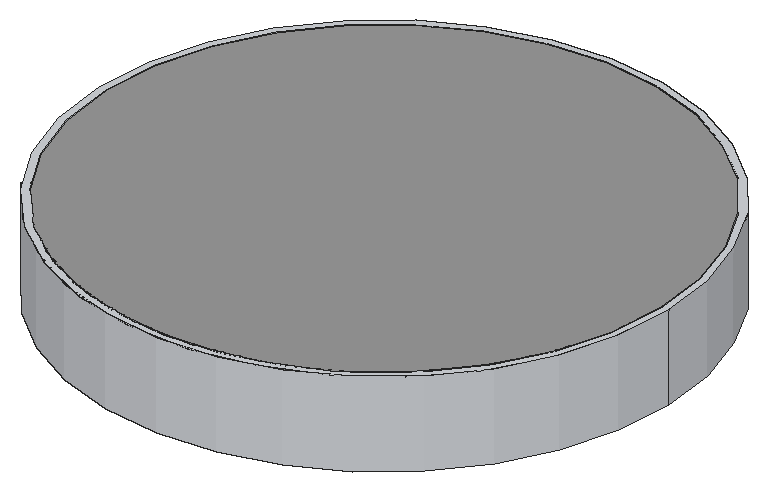
Revit family "2071141", category Lighting Fixtures, host Face, Revit 2018
Family settings
  Host = Face
  Round Connector Dimension = Use Diameter
  Part Type = Normal
  OmniClass Number = 23.80.70.00
  OmniClass Title = Lighting
  Cut with Voids When Loaded = No
  Light Source = Yes
  Shared = No
  Room Calculation Point = No
Parameters (values of type "2071141 COLOSSAL 400 840 OP DIR+H WHT")
  iner diameter = 390 mm
  Weight = "n/a"
  Wattage Comments = ""
  Wattage = 30 W
  WarrantyStartDate [instance] = "n/a"
  WarrantyGuarantorParts = "n/a"
  WarrantyDurationUnit = "n/a"
  WarrantyDurationParts = ""
  WarrantyDescription = "http://www.sylvania-lighting.com"
  built-in parameter 1150110 = 1 (stored number, unit not read)
  Voltage = 230 V
  URL = "0.95"
  TypeName = "COLOSSAL 400mm 840 OPAL DIR+HAL WHITE"
  Type Image = <None>
  Type Comments = "n/a"
  built-in parameter 1114217 = 1 (stored number, unit not read)
  Tilt Angle = -90.00°
  built-in parameter 1150109 = 1 (stored number, unit not read)
  built-in parameter 1150134 = (empty or 0)
  built-in parameter 1150113 = 1 (stored number, unit not read)
  SerialNumber [instance] = "n/a"
  Photometric Web File = "2071141.ies"
  Material_3_SYL = LED-Sylvania
  PowerFactor = 0
  PowerConsumption = "Lighting"
  NominalLength = 400 mm
  NominalHeight = 93 mm
  NominalDepth = 400 mm
  Name = "COLOSSAL 400mm 840 OPAL DIR+HAL WHITE"
  ModelReference = Name  # "COLOSSAL 400mm 840 OPAL DIR+HAL WHITE"
  ModelNumber = "2071141"
  Model = Name  # "COLOSSAL 400mm 840 OPAL DIR+HAL WHITE"
  Material = "Feilo Sylvania"
  ManufacturerName = "105 lm/W"
  Manufacturer = ""
  LuminousEfficacy = ""
  built-in parameter 1150105 = 270.44 (stored number, unit not read)
  Lumens = 3398.4 lm
  LuminaireType = "0"
  built-in parameter 1150115 = 1 (stored number, unit not read)
  LightOutputRatio = "LED"
  built-in parameter 1150137 = (empty or 0)
  built-in parameter 1150139 = (empty or 0)
  LampsType = Lamp  # "n/a"
  LampNominalLuminous = "4000 K"
  LampMacAdamStep = "80"
  LampColourTemperature = "LED"
  LampColourRenderingIndex = "16500"
  built-in parameter 1150112 = 1 (stored number, unit not read)
  built-in parameter 1150114 = 1 (stored number, unit not read)
  Lamp = "n/a"
  Keynote = "n/a"
  InstallationDate [instance] = "n/a"
  InputVoltage = "0"
  InputNominalFrequency = "4000"
  built-in parameter 1150132 = (empty or 0)
  built-in parameter 1150102 = (empty or 0)
  built-in parameter 1150107 = 3000 (stored number, unit not read)
  built-in parameter 1150138 = (empty or 0)
  IngressProtection = "IfcLightFixtureType"
  ImpactProtectionIndex = "IfcLightFixtureType"
  built-in parameter 1150106 = 2.7044 (stored number, unit not read)
  IfcExportType = "IfcLightFixtureType"
  IfcExportAs = "Class I"
  Emit from Circle Diameter = 385 mm
  Emit Shape Visible in Rendering = no
  ElectricShockClassification = "105"
  built-in parameter 1150104 = 10.524 (stored number, unit not read)
  DocumentationLiterature = "http://www.sylvania-lighting.com/product/en-int/products/2071141"
  DimmingControlOptions = "n/a"
  Material_2_SYL = Polycarbonate_Sylvania_White
  Dimming Lamp Color Temperature Shift = <None>
  Description = "400mm diameter circular architectural luminaire, can be surface mounted or suspended. Powder coated aluminium housing (RAL9016) with polycarbonate opal diffuser. Direct/indirect (halo) light distribution, 2680lm luminuous flux, 21W system power, 128lm/W luminiaire efficacy. Constant current driver. Colour rendering index Ra >80, 4000K Neutral White LED, chromaticity tolerance of 3-step MacAdam ellipse. IP40, IK03. 450mA drive current. Electrical protection Class1, 220-240V. Reported lifetime 66k hours L90B10."
  Default Elevation = 1219.2 mm
  CreatedOn = "22/03/2022"
  CreatedBy = "@sylvania-lighting.com"
  Cost = 0
  Color Filter = 16777215
  built-in parameter 1114216 [instance] = (empty or 0)
  ClassificationValue = "EF_70_80"
  ClassificationName = "Uniclass2015"
  Material_1_SYL = Polycarbonate_Sylvania_Opal
  BarCode [instance] = "n/a"
  built-in parameter 1114218 = 1 (stored number, unit not read)
  built-in parameter 1150133 = 10 (stored number, unit not read)
  AssetType = "Fixed"
  AssetIdentifier [instance] = "n/a"
  Assembly Code = "D5020200"
  Apparent Load = 21 VA
  Material_4_SYL = none
Reference planes
  plane 1 "Center (Front/Back)": y = 0
  plane 2: z = 0
  plane 3 "Center (Left/Right)": x = 0
  plane 4: x = -200
  plane 5: x = 200
  plane 6: y = 200
  plane 7: y = -200
  plane 8: y = 236
  plane 9: y = -236
  plane 10: z = 93
  plane 11: y = 195
  plane 12: y = -195
  plane 13: y = 90.5
  plane 14: y = 144.5
  plane 15: through (52.25, 90.5, 1219.2) normal (0.866, 0.5, 0)
  plane 16: through (52.25, 90.5, 1219.2) normal (0.866, 0.5, 0)
  plane 17: through (63.706, 126.657, 1219.2) normal (0.866, 0.5, 0)
  plane 18: through (-104.5, 0, 1219.2) normal (-0.866, 0.5, 0)
  plane 19: through (-142.394, -9.633, 1219.2) normal (-0.866, 0.5, 0)
  plane 20: y = -90.5
  plane 21: y = -118.5
  plane 22: through (85.371, -141.133, 1219.2) normal (-0.866, 0.5, 0)
  plane 23: through (52.25, -90.5, 1219.2) normal (-0.866, 0.5, 0)
  plane 24: through (-161.658, 0, 1219.2) normal (0.866, 0.5, 0)
  plane 25: through (-172.12, 9.121, 1219.2) normal (0.866, 0.5, 0)
  plane 26: through (-104.5, 0, 1219.2) normal (0.866, 0.5, 0)
Forms (mm)
  Extrusion 1, solid, detail levels medium+fine
    sketch origin (0, 0, 0) x (1, 0, 0) y (0, 1, 0)
      loop
        circle (0, 0) r 200
    from 33.023 to 93
  Extrusion 2, void
    sketch origin (0, 0, 0) x (1, 0, 0) y (0, 1, 0)
      loop
        circle (0, 0) r 195
    from 93 to 37.292
  Extrusion 3, solid, material "Glass, White, High Luminance", detail levels fine
    sketch origin (0, 0, 0) x (1, 0, 0) y (0, 1, 0)
      loop
        circle (0, 0) r 195
    from 88.026 to 93
  Extrusion 4, solid, detail levels coarse
    sketch origin (0, 0, 0) x (1, 0, 0) y (0, 1, 0)
      loop
        line (-200, 200) -> (-200, -200) -> (200, -200) -> (200, 200) -> (-200, 200)
    from 0 to 93
  Blend 5, solid, detail levels medium+fine
    base sketch origin (0, 0, 0) x (1, 0, 0) y (0, 1, 0)
      loop
        line (-52.25, 90.5) -> (-104.5, 0) -> (-52.25, -90.5) -> (52.25, -90.5) -> (104.5, 0) -> (52.25, 90.5) -> (-52.25, 90.5)
    top sketch origin (0, 0, 0) x (1, 0, 0) y (0, 1, 0)
      loop
        line (-53.405, 144.5) -> (-149.245, -21.5) -> (-93.242, -118.5) -> (98.438, -118.5) -> (151.843, -26) -> (53.405, 144.5) -> (-53.405, 144.5)
    from 0 to 33.023
Cuts and joins
  Extrusion 2 cuts Extrusion 1
Dimensions and locks
  "NominalDepth": plane 6 to plane 7
  "NominalLength": plane 4 to plane 5
  equal spacing: plane 4, plane 3 "Center (Left/Right)", plane 5
  "iner diameter": plane 11 to plane 12
  equal spacing: plane 11, plane 1 "Center (Front/Back)", plane 12
  equal spacing: plane 6, plane 1 "Center (Front/Back)", plane 7
  "NominalHeight": plane 10 to level
  plane 19 to plane 18 = 28 mm
  radius of Extrusion 2 sketch curve = 195 mm
  aligned and locked: plane 2 to host face
  aligned and locked: level to host face
Automatic sketch dimensions
  host sketch curve to host sketch curve = 2438.4 mm  (x2)
  plane 1 "Center (Front/Back)" to Extrusion 1 sketch curve = 0 mm
  Extrusion 1 sketch curve to plane 3 "Center (Left/Right)" = 0 mm
  plane 1 "Center (Front/Back)" to Extrusion 2 sketch curve = 0 mm
  Extrusion 2 sketch curve to plane 3 "Center (Left/Right)" = 0 mm
  plane 1 "Center (Front/Back)" to Extrusion 3 sketch curve = 0 mm
  Extrusion 3 sketch curve to plane 3 "Center (Left/Right)" = 0 mm
  Extrusion 4 sketch curve to plane 4 = 0 mm
  Extrusion 4 sketch curve to plane 5 = 0 mm
  Extrusion 4 sketch curve to plane 7 = 0 mm
  Extrusion 4 sketch curve to plane 6 = 0 mm
  Blend 5 sketch curve to plane 19 = 0 mm  (x2)
  Blend 5 sketch curve to plane 24 = 0 mm  (x2)
  Blend 5 sketch curve to plane 21 = 0 mm
  Blend 5 sketch curve to plane 14 = 0 mm
  Blend 5 sketch curve to plane 17 = 0 mm  (x2)
  Blend 5 sketch curve to plane 22 = 0 mm  (x2)
  radius of Extrusion 1 sketch curve = 200 mm
  radius of Extrusion 3 sketch curve = 195 mm
Connectors
  electrical at (0, 0, 0), driven by "Apparent Load", driven by "PowerFactor", driven by "Voltage"
    settings: index 1, voltage 230 V, apparent load 21 VA, apparent load phase1 0 VA, apparent load phase2 0 VA, apparent load phase3 0 VA, power factor 0, load classification "Lighting", number of poles 1, system type 30, power factor state 1, is connector primary yes, connector utility no, sub classification motor no, connector description ""
